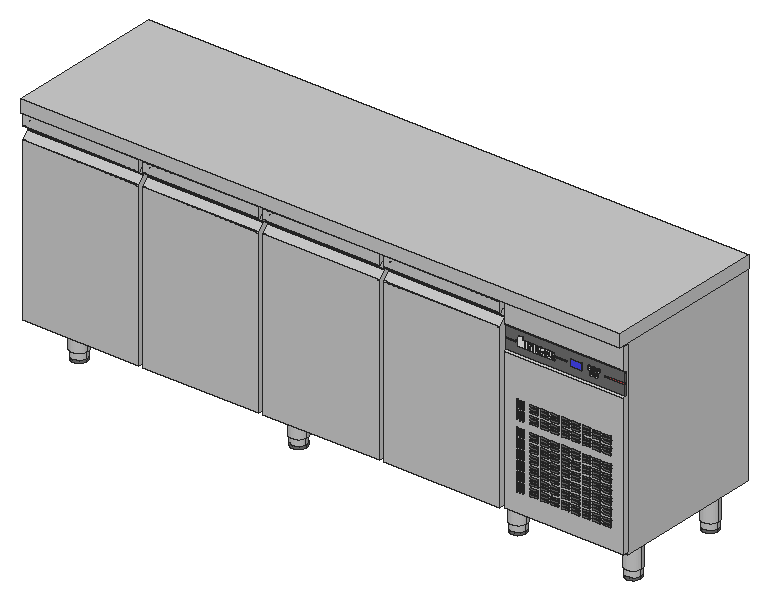
Revit family "QF_INOMAK_PMRP9999_250528093421", category Specialty Equipment, Revit 2021 (continued)
Definition of nested family "QF_INOMAK_REF_COUNTERS_DOORS_DRAWERS_7216"
  Definition of nested family "Hopper"
    Dimensions and locks
      "Bottom inset": plane 13 to plane 8 "Legs top"
      aligned and locked: level to plane 2
      aligned and locked: Extrusion 1 to plane 11 "Right panel"
      aligned and locked: Extrusion 2 to plane 11 "Right panel"
      aligned and locked: plane 10 "Left panel" to Extrusion 2
      aligned and locked: Extrusion 1 sketch curve to plane 12
      aligned and locked: Extrusion 1 sketch curve to Extrusion 2
      aligned and locked: Extrusion 1 sketch curve to plane 13
    Automatic sketch dimensions
      Extrusion 1 sketch curve to Extrusion 1 sketch curve = 17.734 mm
      Extrusion 1 sketch curve to Extrusion 1 sketch curve = 0.929 mm
      Extrusion 1 sketch curve to Extrusion 1 sketch curve = 2.385 mm
      Extrusion 1 sketch curve to Extrusion 1 sketch curve = 3.172 mm
      Extrusion 1 sketch curve to Extrusion 1 sketch curve = 11.91 mm
      Extrusion 1 sketch curve to Extrusion 1 sketch curve = 6.515 mm
      Extrusion 1 sketch curve to Extrusion 1 sketch curve = 1.556 mm
      Extrusion 1 sketch curve to Extrusion 1 sketch curve = 21.58 mm
      Extrusion 1 sketch curve to Extrusion 1 sketch curve = 1.242 mm
      Extrusion 1 sketch curve to Extrusion 1 sketch curve = 1.9 mm
      Extrusion 1 sketch curve to Extrusion 1 sketch curve = 0.515 mm
      Extrusion 1 sketch curve to Extrusion 1 sketch curve = 22.822 mm
      Extrusion 1 sketch curve to Extrusion 1 sketch curve = 19.985 mm
      Extrusion 1 sketch curve to Extrusion 1 sketch curve = 6.919 mm
      Extrusion 1 sketch curve to Extrusion 1 sketch curve = 30.039 mm
      Extrusion 2 sketch curve to plane 7 "Front legs" = 0 mm
      plane 13 to Extrusion 2 sketch curve = 0 mm
      plane 12 to Extrusion 2 sketch curve = 0 mm
      Extrusion 2 sketch curve to plane 5 "Front" = 565 mm
      curve 1 to plane 10 "Left panel" = 0 mm
      curve 2 to plane 11 "Right panel" = 0 mm
      curve 6 to plane 5 "Front" = 0 mm
      curve 5 to plane 5 "Front" = 0 mm
      curve 4 to plane 5 "Front" = 525 mm
      curve 3 to curve 3 = 40 mm
      plane 11 "Right panel" to curve 5 = 30 mm
      curve 6 to plane 10 "Left panel" = 30 mm
Definition of nested family "QF_INOMAK_REF_COUNTERS_DOORS_DRAWERS_16690"
  Parameters (values of type "DR-LX-710")
    Weight [instance] = 0.00 kg
    Warranty Start Date [instance] = ""
    Warranty Duration [instance] = ""
    URL Cutsheet [instance] = ""
    URL = "www.inomak.com"
    Top inset [instance] = 10 mm
    Technical Documentation [instance] = ""
    Tag Number [instance] = ""
    Status [instance] = ""
    Specification by User [instance] = ""
    Specification by Manufacturer [instance] = ""
    Sound Level [instance] = ""
    Solid Fuel Type [instance] = ""
    Show Logo [instance] = yes
    Show Clearances [instance] = yes
    Service Life Duration [instance] = ""
    Serial Number [instance] = ""
    Seismic Rating [instance] = ""
    SMACNA No [instance] = ""
    Right panel thickness [instance] = 0 mm
    Revision Code [instance] = ""
    Revision [instance] = ""
    Rear inset [instance] = 0 mm
    Production Year [instance] = ""
    Point Load [instance] = 0
    Plinth height [instance] = 0 mm
    Other Equipment Approvals [instance] = ""
    NAFEM Spec ID Number [instance] = ""
    Model Warning [instance] = ""
    Model = "DR-LX-710"
    Masterspec [instance] = ""
    Manufacturer = "INOMAK"
    Length Actual [instance] = 435 mm
    Left panel thickness [instance] = 0 mm
    Item Number [instance] = ""
    Installed By [instance] = ""
    Installation Date [instance] = ""
    Identify Quantity as Lot [instance] = yes
    ID [instance] = ""
    Hygiene Approval [instance] = ""
    Height Actual [instance] = 710 mm
    Furnished By [instance] = ""
    Front inset [instance] = 10 mm
    Foodservice Equipment Identifier [instance] = yes
    Finish [instance] = none
    ETL Approved [instance] = yes
    Doors drawers type [instance] = 8
    Description = "LEFT HINGED DOOR"
    Depth Actual [instance] = 700 mm
    Default Elevation = 0 mm
    CSI MasterFormat [instance] = ""
    CE Approved [instance] = yes
    Bottom inset [instance] = 10 mm
    Barcode [instance] = ""
    Author [instance] = ""
    Asset Identifier [instance] = ""
    Assembly Code = "E1090320"
    Accessory [instance] = yes
  Types (9, lengths in mm): name | Model | Height Actual | Doors drawers type | Description
    DW-2-710 | "DW-2-710" | 710 | 4 | "2 X GN 1/2 DRAWERS"
    DR-LX-710 | "DR-LX-710" | 710 | 8 | "LEFT HINGED DOOR"
    DR-RX-710 | "DR-RX-710" | 710 | 9 | "RIGHT HINGED DOOR"
    DW-3-710 | "DW-3-710" | 710 | 6 | "3 X GN 1/3 DRAWERS"
    DW-B-710 | "DW-B-710" | 710 | 5 | "1 X GN 1/3 & 1 X GN 2/3 DRAWERS"
    DW-2-483 | "DW-2-483" | 483 | 4 | "2 X GN 1/3 DRAWERS"
    DR-LX-483 | "DR-LX-483" | 483 | 8 | "LEFT HINGED DOOR"
    DR-RX-483 | "DR-RX-483" | 483 | 9 | "RIGHT HINGED DOOR"
    DW-1-483 | "DW-1-483" | 483 | 10 | "1 X GN 2/3 DRAWER"
  Reference planes
    plane 1 "Front": y = 0
    plane 2: z = 0
    plane 3 "Left": x = 0
    plane 4 "Right": x = 435
    plane 5 "Back": y = 700
    plane 6 "Top": z = 710
    plane 7 "Bottom shelf": z = 0
    plane 8: z = 700
    plane 9: z = 10
    plane 10: x = 0
    plane 11: x = 435
    plane 12 "Center Top Bottom": z = 355
  Lines and regions (mm)
    reference lines
      curve 1: line (0, 0, 355) -> (0, 25, 355)
      curve 2: line (435, 0, 355) -> (435, 25, 355)
      curve 3: line (0, 700, 355) -> (435, 700, 355)
      curve 4: line (0, 0, 355) -> (435, 0, 355)
  Dimensions and locks
    "Length Actual": plane 3 "Left" to plane 4 "Right"
    "Depth Actual": plane 1 "Front" to plane 5 "Back"
    "Height Actual": plane 6 "Top" to plane 7 "Bottom shelf"
    "Plinth height": plane 7 "Bottom shelf" to plane 2
    "Top inset": plane 6 "Top" to plane 8
    "Bottom inset": plane 9 to plane 7 "Bottom shelf"
    "Left panel thickness": plane 3 "Left" to plane 10
    "Right panel thickness": plane 11 to plane 4 "Right"
    equal spacing: plane 6 "Top", plane 12 "Center Top Bottom", plane 7 "Bottom shelf"
    "Length Actual": curve 1 to plane 4 "Right"
    "Length Actual": plane 3 "Left" to curve 2
    "Depth Actual": plane 1 "Front" to curve 3
    "Depth Actual": plane 5 "Back" to curve 4
    aligned and locked: level to plane 2
    aligned and locked: plane 3 "Left" to nested 1
    aligned and locked: plane 3 "Left" to nested 2
    aligned and locked: plane 3 "Left" to nested 3
    aligned and locked: plane 3 "Left" to nested 4
    aligned and locked: plane 3 "Left" to nested 5
    aligned and locked: plane 3 "Left" to nested 6
    aligned and locked: plane 3 "Left" to nested 7
    aligned and locked: plane 3 "Left" to nested 8
    aligned and locked: plane 3 "Left" to nested 9
    aligned and locked: nested 4 to plane 1 "Front"
    aligned and locked: nested 6 to plane 1 "Front"
    aligned and locked: nested 8 to plane 1 "Front"
    aligned and locked: nested 5 to plane 1 "Front"
    aligned and locked: nested 3 to plane 1 "Front"
    aligned and locked: nested 7 to plane 1 "Front"
    aligned and locked: nested 2 to plane 1 "Front"
    aligned and locked: nested 1 to plane 1 "Front"
    aligned and locked: nested 9 to plane 1 "Front"
  Automatic sketch dimensions
    curve 3 to plane 4 "Right" = 0 mm
    curve 3 to plane 3 "Left" = 0 mm
    curve 2 to curve 2 = 25 mm
    curve 1 to curve 1 = 25 mm
  Nested families
    nested 1: "Right_Door" at (0, 700, 0), Depth Actual <- "Depth Actual", Height Actual <- "Height Actual", Length Actual <- "Length Actual", Front inset <- "Front inset", Rear inset <- "Rear inset", Left panel thickness <- "Left panel thickness", Right panel thickness <- "Right panel thickness", Doors drawers type <- "Doors drawers type", Plinth height <- "Plinth height", Top inset <- "Top inset", Bottom inset <- "Bottom inset", type "Right door"
      with Top inset 10 mm, Right panel thickness 0 mm, Right hand hinged door no, Rear inset 0 mm, Plinth height 0 mm, Length Actual 435 mm, Left panel thickness 0 mm, Height Actual 710 mm, Front inset 10 mm, Doors drawers type 8, Depth Actual 700 mm, Bottom inset 10 mm
    nested 2: "Left_Door" at (0, 700, 0), Depth Actual <- "Depth Actual", Height Actual <- "Height Actual", Length Actual <- "Length Actual", Front inset <- "Front inset", Rear inset <- "Rear inset", Left panel thickness <- "Left panel thickness", Right panel thickness <- "Right panel thickness", Doors drawers type <- "Doors drawers type", Plinth height <- "Plinth height", Top inset <- "Top inset", Bottom inset <- "Bottom inset", type "Left door"
      with Top inset 10 mm, Right panel thickness 0 mm, Rear inset 0 mm, Plinth height 0 mm, Length Actual 435 mm, Left panel thickness 0 mm, Left hand hinged door yes, Height Actual 710 mm, Front inset 10 mm, Doors drawers type 8, Depth Actual 700 mm, Bottom inset 10 mm
    nested 3: "3_Drawers_1-3" at (0, 700, 0), Depth Actual <- "Depth Actual", Height Actual <- "Height Actual", Length Actual <- "Length Actual", Front inset <- "Front inset", Rear inset <- "Rear inset", Left panel thickness <- "Left panel thickness", Right panel thickness <- "Right panel thickness", Doors drawers type <- "Doors drawers type", Plinth height <- "Plinth height", Top inset <- "Top inset", Bottom inset <- "Bottom inset", type "3 Drawers 1-3"
      with Top inset 10 mm, Right panel thickness 0 mm, Rear inset 0 mm, Plinth height 0 mm, Length Actual 435 mm, Left panel thickness 0 mm, Height Actual 710 mm, Front inset 10 mm, Doors drawers type 8, Depth Actual 700 mm, Bottom inset 10 mm, 3 Drawers no
    nested 4: "2_Drawers_1-2" at (0, 700, 0), Depth Actual <- "Depth Actual", Height Actual <- "Height Actual", Length Actual <- "Length Actual", Front inset <- "Front inset", Rear inset <- "Rear inset", Left panel thickness <- "Left panel thickness", Right panel thickness <- "Right panel thickness", Doors drawers type <- "Doors drawers type", Plinth height <- "Plinth height", Top inset <- "Top inset", Bottom inset <- "Bottom inset", type "2 Drawers 1-2"
      with Top inset 10 mm, Right panel thickness 0 mm, Rear inset 0 mm, Plinth height 0 mm, Length Actual 435 mm, Left panel thickness 0 mm, Height Actual 710 mm, Front inset 10 mm, Doors drawers type 8, Depth Actual 700 mm, Bottom inset 10 mm, 2 Drawers no
    nested 5: "2_Drawers_1-3_2-3" at (0, 700, 0), Depth Actual <- "Depth Actual", Height Actual <- "Height Actual", Length Actual <- "Length Actual", Front inset <- "Front inset", Rear inset <- "Rear inset", Left panel thickness <- "Left panel thickness", Right panel thickness <- "Right panel thickness", Doors drawers type <- "Doors drawers type", Plinth height <- "Plinth height", Top inset <- "Top inset", Bottom inset <- "Bottom inset", type "2 Drawers 1-3 and 2-3"
      with Top inset 10 mm, Right panel thickness 0 mm, Rear inset 0 mm, Plinth height 0 mm, Length Actual 435 mm, Left panel thickness 0 mm, Height Actual 710 mm, Front inset 10 mm, Doors drawers type 8, Depth Actual 700 mm, Bottom inset 10 mm, 2 Drawers 1-3 and 2-3 no
    nested 6: "Sliding_Doors" at (0, 700, 0), Depth Actual <- "Depth Actual", Height Actual <- "Height Actual", Length Actual <- "Length Actual", Front inset <- "Front inset", Rear inset <- "Rear inset", Left panel thickness <- "Left panel thickness", Right panel thickness <- "Right panel thickness", Doors drawers type <- "Doors drawers type", Plinth height <- "Plinth height", Top inset <- "Top inset", Bottom inset <- "Bottom inset", Finish <- "Finish", type "Sliding doors"
      with Top inset 10 mm, Sliding doors no, Right panel thickness 0 mm, Rear inset 0 mm, Plinth height 0 mm, Length Actual 435 mm, Left panel thickness 0 mm, Height Actual 710 mm, Front inset 10 mm, Finish none, Doors drawers type 8, Depth Actual 700 mm, Bottom inset 10 mm
    nested 7: "4_Drawers_1-4" at (0, 700, 0), Depth Actual <- "Depth Actual", Height Actual <- "Height Actual", Length Actual <- "Length Actual", Front inset <- "Front inset", Rear inset <- "Rear inset", Left panel thickness <- "Left panel thickness", Right panel thickness <- "Right panel thickness", Doors drawers type <- "Doors drawers type", Plinth height <- "Plinth height", Top inset <- "Top inset", Bottom inset <- "Bottom inset", Finish <- "Finish", type "4 Drawers 1-4"
      with Top inset 10 mm, Right panel thickness 0 mm, Rear inset 0 mm, Plinth height 0 mm, Length Actual 435 mm, Left panel thickness 0 mm, Height Actual 710 mm, Front inset 10 mm, Finish none, Doors drawers type 8, Depth Actual 700 mm, Bottom inset 10 mm, 4 Drawers no
    nested 8: "Hinged_Doors" at (0, 700, 0), Length Actual <- "Length Actual", Depth Actual <- "Depth Actual", Height Actual <- "Height Actual", Front inset <- "Front inset", Rear inset <- "Rear inset", Left panel thickness <- "Left panel thickness", Right panel thickness <- "Right panel thickness", Doors drawers type <- "Doors drawers type", Plinth height <- "Plinth height", Top inset <- "Top inset", Bottom inset <- "Bottom inset", Finish <- "Finish", type "Hinged doors"
      with Top inset 10 mm, Right panel thickness 0 mm, Rear inset 0 mm, Plinth height 0 mm, Length Actual 435 mm, Left panel thickness 0 mm, Hinged doors no, Height Actual 710 mm, Front inset 10 mm, Finish none, Doors drawers type 8, Depth Actual 700 mm, Bottom inset 10 mm
    nested 9: "Hopper" at (0, 700, 1.284), Length Actual <- "Length Actual", Depth Actual <- "Depth Actual", Height Actual <- "Height Actual", Front inset <- "Front inset", Rear inset <- "Rear inset", Left panel thickness <- "Left panel thickness", Right panel thickness <- "Right panel thickness", Doors drawers type <- "Doors drawers type", Plinth height <- "Plinth height", Top inset <- "Top inset", Bottom inset <- "Bottom inset", Finish <- "Finish", type "Hopper"
      with Top inset 10 mm, Right panel thickness 0 mm, Rear inset 0 mm, Plinth height 0 mm, Length Actual 435 mm, Left panel thickness 0 mm, Hopper no, Height Actual 710 mm, Front inset 10 mm, Finish none, Doors drawers type 8, Depth Actual 700 mm, Bottom inset 10 mm
  Definition of nested family "Left_Door"
    Parameters (values of type "Left door")
      URL = "www.specifiglobal.com"
      Top inset [instance] = 10 mm
      Right panel thickness [instance] = 0 mm
      Rear inset [instance] = 0 mm
      Plinth height [instance] = 150 mm
      Model = ""
      Manufacturer = "DEMO CONSULTANT"
      Length Actual [instance] = 700 mm
      Left panel thickness [instance] = 0 mm
      Left hand hinged door [instance] = Doors drawers type = 8  # yes
      Height Actual [instance] = 710 mm
      Front inset [instance] = 10 mm
      Finish = none
      Doors drawers type [instance] = 8
      Description = ""
      Depth Actual [instance] = 700 mm
      Default Elevation = 0 mm
      Bottom inset [instance] = 0 mm
      Assembly Code = "E1090320"
    Reference planes
      plane 1 "Back": y = 0
      plane 2: z = 0
      plane 3 "Left": x = 0
      plane 4 "Right": x = 700
      plane 5 "Front": y = -700
      plane 6 "Top": z = 860
      plane 7 "Front legs": y = -690
      plane 8 "Legs top": z = 150
      plane 9 "Backsplash thickness": y = 0
      plane 10 "Left panel": x = 0
      plane 11 "Right panel": x = 700
      plane 12: z = 850
      plane 13: z = 150
    Forms (mm)
      Extrusion 1, solid, material <- "Finish", visible <- "Left hand hinged door"
        sketch origin (0, 0, 0) x (0, -1, 0) y (0, 0, 1)
          loop
            line (690, 150) -> (690, 764.365)
            arc (690, 764.365) -> (689.866, 765.037) -> (689.485, 765.607) r 1.757
            line (689.485, 765.607) -> (666.663, 788.429)
            arc (666.663, 788.429) -> (665.976, 789.458) -> (665.734, 790.672) r 3.172
            line (665.734, 790.672) -> (665.734, 817.576)
            arc (665.734, 817.576) -> (666.433, 819.262) -> (668.119, 819.961) r 2.385
            line (668.119, 819.961) -> (680.029, 819.961) -> (686.544, 810.657)
            arc (686.544, 810.657) -> (688.671, 809.935) -> (690, 811.747) r 1.9
            line (690, 811.747) -> (690, 850) -> (648, 850) -> (648, 150) -> (690, 150)
        from 0 to -700
      Extrusion 2, solid, visible <- "Left hand hinged door", detail levels coarse
        sketch origin (0, -700, 150) x (-1, 0, 0) y (0, 1, 0)
          loop
            arc (-700, 10) -> (-495.871, -481.066) -> (0, -673.23) r 677.11
            line (0, -673.23) -> (0, 10) -> (-700, 10)
        from 0 to -700
    Lines and regions (mm)
      symbolic lines, visible <- "Left hand hinged door"
        curve 1: line (0, -700, 150) -> (0, -1373.247, 150)
        curve 2: arc (0, -1373.247, 150) -> (492.316, -1184.595, 150) -> (700, -700, 150) r 676.963
    Dimensions and locks
      "Length Actual": plane 3 "Left" to plane 4 "Right"
      "Depth Actual": plane 5 "Front" to plane 1 "Back"
      "Height Actual": plane 6 "Top" to plane 8 "Legs top"
      "Front inset": plane 7 "Front legs" to plane 5 "Front"
      "Plinth height": plane 8 "Legs top" to plane 2
      "Rear inset": plane 9 "Backsplash thickness" to plane 1 "Back"
      "Right panel thickness": plane 11 "Right panel" to plane 4 "Right"
      "Left panel thickness": plane 3 "Left" to plane 10 "Left panel"
      "Top inset": plane 6 "Top" to plane 12
      "Bottom inset": plane 13 to plane 8 "Legs top"
      aligned and locked: level to plane 2
      aligned and locked: Extrusion 1 to plane 11 "Right panel"
      aligned and locked: plane 10 "Left panel" to Extrusion 2 sketch curve
      aligned and locked: plane 11 "Right panel" to Extrusion 2 sketch curve
      aligned and locked: Extrusion 2 sketch curve to plane 10 "Left panel"
      aligned and locked: plane 7 "Front legs" to Extrusion 2 sketch curve
      aligned and locked: plane 7 "Front legs" to Extrusion 2
      aligned and locked: plane 10 "Left panel" to Extrusion 2
      aligned and locked: Extrusion 2 to plane 12
      aligned and locked: Extrusion 1 sketch curve to plane 13
      aligned and locked: Extrusion 1 sketch curve to plane 7 "Front legs"
      aligned and locked: Extrusion 1 sketch curve to plane 12
    Automatic sketch dimensions
      Extrusion 1 sketch curve to Extrusion 1 sketch curve = 1.556 mm
      Extrusion 1 sketch curve to Extrusion 1 sketch curve = 11.91 mm
      Extrusion 1 sketch curve to Extrusion 1 sketch curve = 2.243 mm
      Extrusion 1 sketch curve to Extrusion 1 sketch curve = 2.385 mm
      Extrusion 1 sketch curve to Extrusion 1 sketch curve = 20.119 mm
      Extrusion 1 sketch curve to Extrusion 1 sketch curve = 22.822 mm
      Extrusion 1 sketch curve to Extrusion 1 sketch curve = 19.985 mm
      Extrusion 1 sketch curve to Extrusion 1 sketch curve = 6.919 mm
      Extrusion 1 sketch curve to Extrusion 1 sketch curve = 30.039 mm
      plane 7 "Front legs" to Extrusion 1 sketch curve = 42 mm
      Extrusion 1 sketch curve to Extrusion 1 sketch curve = 0.929 mm
      Extrusion 1 sketch curve to Extrusion 1 sketch curve = 6.515 mm
      Extrusion 1 sketch curve to Extrusion 1 sketch curve = 1.242 mm
      Extrusion 1 sketch curve to Extrusion 1 sketch curve = 1.9 mm
      Extrusion 1 sketch curve to Extrusion 1 sketch curve = 0.515 mm
      plane 5 "Front" to Extrusion 2 sketch curve = 3.492 mm
      plane 3 "Left" to Extrusion 2 sketch curve = 22.921 mm
      curve 1 to plane 3 "Left" = 0 mm
      curve 2 to plane 4 "Right" = 0 mm
      curve 2 to plane 5 "Front" = 0 mm
      curve 1 to plane 5 "Front" = 0 mm
      plane 5 "Front" to curve 2 = 3.324 mm
      plane 3 "Left" to curve 2 = 23.045 mm
  Definition of nested family "Right_Door"
    Parameters (values of type "Right door")
      URL = "www.specifiglobal.com"
      Top inset [instance] = 4 mm
      Right panel thickness [instance] = 35 mm
      Right hand hinged door [instance] = Doors drawers type = 9  # yes
      Rear inset [instance] = 10 mm
      Plinth height [instance] = 150 mm
      Model = ""
      Manufacturer = "DEMO CONSULTANT"
      Length Actual [instance] = 1700 mm
      Left panel thickness [instance] = 35 mm
      Height Actual [instance] = 900 mm
      Front inset [instance] = 10 mm
      Finish = none
      Doors drawers type [instance] = 9
      Description = ""
      Depth Actual [instance] = 700 mm
      Default Elevation = 0 mm
      Bottom inset [instance] = 4 mm
      Assembly Code = "E1090320"
    Reference planes
      plane 1 "Back": y = 0
      plane 2: z = 0
      plane 3 "Left": x = 0
      plane 4 "Right": x = 1700
      plane 5 "Front": y = -700
      plane 6 "Top": z = 1050
      plane 7 "Front legs": y = -690
      plane 8 "Legs top": z = 150
      plane 9 "Backsplash thickness": y = -10
      plane 10 "Left panel": x = 35
      plane 11 "Right panel": x = 1665
      plane 12: z = 1046
      plane 13: z = 154
    Forms (mm)
      Extrusion 1, solid, material <- "Finish", visible <- "Right hand hinged door"
        sketch origin (35, 0, 0) x (0, -1, 0) y (0, 0, 1)
          loop
            line (690, 154) -> (690, 960.365)
            arc (690, 960.365) -> (689.866, 961.037) -> (689.485, 961.607) r 1.757
            line (689.485, 961.607) -> (666.663, 984.429)
            arc (666.663, 984.429) -> (665.976, 985.458) -> (665.734, 986.672) r 3.172
            line (665.734, 986.672) -> (665.734, 1013.576)
            arc (665.734, 1013.576) -> (666.433, 1015.262) -> (668.119, 1015.961) r 2.385
            line (668.119, 1015.961) -> (680.029, 1015.961) -> (686.544, 1006.657)
            arc (686.544, 1006.657) -> (688.671, 1005.935) -> (690, 1007.747) r 1.9
            line (690, 1007.747) -> (690, 1046) -> (648, 1046) -> (648, 154) -> (690, 154)
        from 0 to -1630
      Extrusion 2, solid, visible <- "Right hand hinged door", detail levels coarse
        sketch origin (0, -700, 154) x (-1, 0, 0) y (0, 1, 0)
          loop
            line (-1665, 10) -> (-1665, -1637.12)
            arc (-1665, -1637.12) -> (-517.894, -1142.214) -> (-35, 10) r 1670.236
            line (-35, 10) -> (-1665, 10)
        from 0 to -892
    Lines and regions (mm)
      symbolic lines, visible <- "Right hand hinged door"
        curve 1: line (1665, -2337.12, 150) -> (1665, -700, 150)
        curve 2: arc (1665, -2337.12, 150) -> (521.415, -1845.762, 150) -> (35.165, -699.995, 150) r 1670.236
    Dimensions and locks
      "Length Actual": plane 3 "Left" to plane 4 "Right"
      "Depth Actual": plane 5 "Front" to plane 1 "Back"
      "Height Actual": plane 6 "Top" to plane 8 "Legs top"
      "Front inset": plane 7 "Front legs" to plane 5 "Front"
      "Plinth height": plane 8 "Legs top" to plane 2
      "Rear inset": plane 9 "Backsplash thickness" to plane 1 "Back"
      "Right panel thickness": plane 11 "Right panel" to plane 4 "Right"
      "Left panel thickness": plane 3 "Left" to plane 10 "Left panel"
      "Top inset": plane 6 "Top" to plane 12
      "Bottom inset": plane 13 to plane 8 "Legs top"
      aligned and locked: level to plane 2
      aligned and locked: Extrusion 1 to plane 11 "Right panel"
      aligned and locked: plane 10 "Left panel" to Extrusion 2 sketch curve
      aligned and locked: plane 11 "Right panel" to Extrusion 2 sketch curve
      aligned and locked: plane 7 "Front legs" to Extrusion 2
      aligned and locked: plane 7 "Front legs" to Extrusion 2 sketch curve
      aligned and locked: Extrusion 2 sketch curve to plane 11 "Right panel"
      aligned and locked: curve 1 to Extrusion 2
      aligned and locked: plane 5 "Front" to curve 1
      aligned and locked: Extrusion 2 to plane 12
      aligned and locked: Extrusion 1 sketch curve to plane 12
      aligned and locked: Extrusion 1 sketch curve to plane 7 "Front legs"
      aligned and locked: Extrusion 1 sketch curve to plane 13
      aligned and locked: curve 2 to Extrusion 2
    Automatic sketch dimensions
      Extrusion 1 sketch curve to Extrusion 1 sketch curve = 1.556 mm
      Extrusion 1 sketch curve to Extrusion 1 sketch curve = 11.91 mm
      Extrusion 1 sketch curve to Extrusion 1 sketch curve = 2.243 mm
      Extrusion 1 sketch curve to Extrusion 1 sketch curve = 2.385 mm
      Extrusion 1 sketch curve to Extrusion 1 sketch curve = 20.119 mm
      Extrusion 1 sketch curve to Extrusion 1 sketch curve = 22.822 mm
      Extrusion 1 sketch curve to Extrusion 1 sketch curve = 19.985 mm
      Extrusion 1 sketch curve to Extrusion 1 sketch curve = 6.919 mm
      Extrusion 1 sketch curve to Extrusion 1 sketch curve = 30.039 mm
      plane 7 "Front legs" to Extrusion 1 sketch curve = 42 mm
      Extrusion 1 sketch curve to Extrusion 1 sketch curve = 0.929 mm
      Extrusion 1 sketch curve to Extrusion 1 sketch curve = 6.515 mm
      Extrusion 1 sketch curve to Extrusion 1 sketch curve = 1.242 mm
      Extrusion 1 sketch curve to Extrusion 1 sketch curve = 1.9 mm
      Extrusion 1 sketch curve to Extrusion 1 sketch curve = 0.515 mm
      Extrusion 2 sketch curve to plane 4 "Right" = 5.083 mm
      plane 7 "Front legs" to Extrusion 2 sketch curve = 22.635 mm
      plane 5 "Front" to curve 2 = 0.005 mm
  Definition of nested family "3_Drawers_1-3"
    Parameters (values of type "3 Drawers 1-3")
      URL = "www.specifiglobal.com"
      Top inset [instance] = 4 mm
      Right panel thickness [instance] = 35 mm
      Rear inset [instance] = 10 mm
      Plinth height [instance] = 150 mm
      Model = ""
      Manufacturer = "DEMO CONSULTANT"
      Length Actual [instance] = 1200 mm
      Left panel thickness [instance] = 35 mm
      Height Actual [instance] = 900 mm
      Front inset [instance] = 10 mm
      Finish = none
      Doors drawers type [instance] = 6
      Description = ""
      Depth Actual [instance] = 700 mm
      Default Elevation = 0 mm
      Bottom inset [instance] = 4 mm
      Assembly Code = "E1090320"
      3 Drawers [instance] = Doors drawers type = 6  # yes
    Reference planes
      plane 1 "Back": y = 0
      plane 2: z = 0
      plane 3 "Left": x = 0
      plane 4 "Right": x = 1200
      plane 5 "Front": y = -700
      plane 6 "Top": z = 1050
      plane 7 "Front legs": y = -690
      plane 8 "Legs top": z = 150
      plane 9 "Backsplash thickness": y = -10
      plane 10 "Left panel": x = 35
      plane 11 "Right panel": x = 1165
      plane 12: z = 749.333
      plane 13: z = 1046
      plane 14: z = 751.667
      plane 15: z = 747
      plane 16: z = 1048
      plane 17: z = 450.667
      plane 18: z = 453.333
      plane 19: z = 448
      plane 20: z = 154
      plane 21: z = 152
    Forms (mm)
      Extrusion 1, solid, material <- "Finish", visible <- "3 Drawers"
        sketch origin (35, 0, 0) x (0, -1, 0) y (0, 0, 1)
          loop
            line (690, 751.667) -> (690, 960.365)
            arc (690, 960.365) -> (689.866, 961.037) -> (689.485, 961.607) r 1.757
            line (689.485, 961.607) -> (666.663, 984.429)
            arc (666.663, 984.429) -> (665.976, 985.458) -> (665.734, 986.672) r 3.172
            line (665.734, 986.672) -> (665.734, 1013.576)
            arc (665.734, 1013.576) -> (666.433, 1015.262) -> (668.119, 1015.961) r 2.385
            line (668.119, 1015.961) -> (680.029, 1015.961) -> (686.544, 1006.657)
            arc (686.544, 1006.657) -> (688.671, 1005.935) -> (690, 1007.747) r 1.9
            line (690, 1007.747) -> (690, 1046) -> (648, 1046) -> (648, 751.667) -> (690, 751.667)
        from 0 to -1130
      Extrusion 2, solid, visible <- "3 Drawers", detail levels coarse
        sketch origin (0, -640.463, 751.667) x (0, 1, 0) y (-1, 0, 0)
          loop
            line (-49.537, -35) -> (-624.582, -35) -> (-624.582, -1165) -> (-49.537, -1165) -> (-49.537, -35)
        from 0 to 294.333
      Extrusion 3, solid, visible <- "3 Drawers", detail levels coarse
        sketch origin (0, -640.463, 453.333) x (0, 1, 0) y (-1, 0, 0)
          loop
            line (-49.537, -35) -> (-624.582, -35) -> (-624.582, -1165) -> (-49.537, -1165) -> (-49.537, -35)
        from 0 to 293.667
      Extrusion 4, solid, visible <- "3 Drawers", detail levels coarse
        sketch origin (0, -700, 154) x (-1, 0, 0) y (0, 1, 0)
          loop
            line (-35, 10) -> (-1165, 10) -> (-1165, -565.045) -> (-35, -565.045) -> (-35, 10)
        from 0 to -294
      Extrusion 5, solid, material <- "Finish", visible <- "3 Drawers"
        sketch origin (35, 0, -220.667) x (0, -1, 0) y (0, 0, 1)
          loop
            line (690, 674) -> (690, 882.031)
            arc (690, 882.031) -> (689.866, 882.704) -> (689.485, 883.274) r 1.757
            line (689.485, 883.274) -> (666.663, 906.096)
            arc (666.663, 906.096) -> (665.976, 907.125) -> (665.734, 908.339) r 3.172
            line (665.734, 908.339) -> (665.734, 935.243)
            arc (665.734, 935.243) -> (666.433, 936.929) -> (668.119, 937.628) r 2.385
            line (668.119, 937.628) -> (680.029, 937.628) -> (686.544, 928.324)
            arc (686.544, 928.324) -> (688.671, 927.602) -> (690, 929.414) r 1.9
            line (690, 929.414) -> (690, 967.667) -> (648, 967.667) -> (648, 674) -> (690, 674)
        from 0 to -1130
      Extrusion 6, solid, material <- "Finish", visible <- "3 Drawers"
        sketch origin (35, 0, -441.333) x (0, -1, 0) y (0, 0, 1)
          loop
            line (690, 595.333) -> (690, 800.031)
            arc (690, 800.031) -> (689.866, 800.704) -> (689.485, 801.274) r 1.757
            line (689.485, 801.274) -> (666.663, 824.096)
            arc (666.663, 824.096) -> (665.976, 825.125) -> (665.734, 826.339) r 3.172
            line (665.734, 826.339) -> (665.734, 857.243)
            arc (665.734, 857.243) -> (666.433, 858.929) -> (668.119, 859.628) r 2.385
            line (668.119, 859.628) -> (680.029, 859.628) -> (686.544, 850.324)
            arc (686.544, 850.324) -> (688.671, 849.602) -> (690, 851.414) r 1.9
            line (690, 851.414) -> (690, 889.333) -> (648, 889.333) -> (648, 595.333) -> (690, 595.333)
        from 0 to -1130
    Lines and regions (mm)
      symbolic lines, visible <- "3 Drawers"
        curve 1: line (35, -850, 900) -> (35, -890, 900)
        curve 2: line (35, -890, 900) -> (1165, -890, 900)
        curve 3: line (1165, -890, 900) -> (1165, -850, 900)
        curve 4: line (1165, -850, 900) -> (35, -850, 900)
        curve 5: line (1135, -850, 900) -> (1135, -700, 900)
        curve 6: line (65, -850, 900) -> (65, -700, 900)
        curve 7: line (35, -1040, 900) -> (35, -1080, 900)
        curve 8: line (35, -1080, 900) -> (1165, -1080, 900)
        curve 9: line (1165, -1080, 900) -> (1165, -1040, 900)
        curve 10: line (1165, -1040, 900) -> (35, -1040, 900)
        curve 11: line (1135, -1040, 900) -> (1135, -890, 900)
        curve 12: line (65, -1040, 900) -> (65, -890, 900)
        curve 13: line (35, -1225, 900) -> (35, -1265, 900)
        curve 14: line (35, -1265, 900) -> (1165, -1265, 900)
        curve 15: line (1165, -1265, 900) -> (1165, -1225, 900)
        curve 16: line (1165, -1225, 900) -> (35, -1225, 900)
        curve 17: line (1135, -1225, 900) -> (1135, -1080, 900)
        curve 18: line (65, -1225, 900) -> (65, -1080, 900)
    Dimensions and locks
      "Length Actual": plane 3 "Left" to plane 4 "Right"
      "Depth Actual": plane 5 "Front" to plane 1 "Back"
      "Height Actual": plane 6 "Top" to plane 8 "Legs top"
      "Front inset": plane 7 "Front legs" to plane 5 "Front"
      "Plinth height": plane 8 "Legs top" to plane 2
      "Rear inset": plane 9 "Backsplash thickness" to plane 1 "Back"
      "Right panel thickness": plane 11 "Right panel" to plane 4 "Right"
      "Left panel thickness": plane 3 "Left" to plane 10 "Left panel"
      plane 14 to plane 15 = 4.667 mm
      equal spacing: plane 14, plane 12, plane 15
      locked: plane 16 to plane 13 at 2
      equal spacing: plane 18, plane 17, plane 19
      plane 18 to plane 19 = 5.333 mm
      "Bottom inset": plane 20 to plane 8 "Legs top"
      equal spacing: plane 21, plane 17, plane 12, plane 16
      "Top inset": plane 13 to plane 6 "Top"
      locked: plane 21 to plane 20 at 2
      aligned and locked: level to plane 2
      aligned and locked: Extrusion 1 to plane 11 "Right panel"
      aligned and locked: plane 10 "Left panel" to curve 1
      aligned and locked: plane 10 "Left panel" to curve 7
      aligned and locked: plane 10 "Left panel" to curve 13
      aligned and locked: Extrusion 2 sketch curve to plane 10 "Left panel"
      aligned and locked: plane 11 "Right panel" to Extrusion 2 sketch curve
      aligned and locked: Extrusion 3 sketch curve to plane 10 "Left panel"
      aligned and locked: plane 11 "Right panel" to Extrusion 3 sketch curve
      aligned and locked: Extrusion 4 sketch curve to plane 10 "Left panel"
      aligned and locked: plane 11 "Right panel" to Extrusion 4 sketch curve
      aligned and locked: Extrusion 2 to plane 13
      aligned and locked: Extrusion 3 to plane 15
      aligned and locked: Extrusion 4 to plane 19
      aligned and locked: Extrusion 5 to plane 11 "Right panel"
      aligned and locked: Extrusion 6 to plane 11 "Right panel"
      aligned and locked: Extrusion 1 sketch curve to plane 13
      aligned and locked: Extrusion 1 sketch curve to plane 7 "Front legs"
      aligned and locked: plane 18 to Extrusion 5 sketch curve
      aligned and locked: Extrusion 6 sketch curve to Extrusion 4  (x2)
      aligned and locked: Extrusion 5 sketch curve to plane 15
      aligned and locked: Extrusion 4 to Extrusion 5 sketch curve
      aligned and locked: Extrusion 6 sketch curve to plane 19
      aligned and locked: Extrusion 6 sketch curve to plane 20
    Automatic sketch dimensions
      Extrusion 2 sketch curve to plane 7 "Front legs" = 0 mm
      Extrusion 2 sketch curve to plane 5 "Front" = 565.045 mm
      Extrusion 3 sketch curve to plane 7 "Front legs" = 0 mm
      Extrusion 3 sketch curve to plane 5 "Front" = 565.045 mm
      Extrusion 4 sketch curve to plane 7 "Front legs" = 0 mm
      Extrusion 4 sketch curve to plane 5 "Front" = 565.045 mm
      curve 14 to plane 11 "Right panel" = 0 mm
      curve 8 to plane 11 "Right panel" = 0 mm
      curve 3 to plane 11 "Right panel" = 0 mm
      curve 6 to plane 5 "Front" = 0 mm
      curve 5 to plane 5 "Front" = 0 mm
      curve 1 to plane 5 "Front" = 150 mm
      curve 2 to curve 3 = 40 mm
      curve 10 to curve 1 = 150 mm
      curve 9 to curve 9 = 40 mm
      curve 13 to curve 7 = 145 mm
      curve 14 to curve 13 = 40 mm
      curve 3 to curve 5 = 30 mm
      curve 15 to curve 17 = 30 mm
      curve 11 to curve 17 = 0 mm
      curve 6 to plane 10 "Left panel" = 30 mm
      curve 18 to plane 10 "Left panel" = 30 mm
      curve 12 to curve 18 = 0 mm
      Extrusion 1 sketch curve to plane 14 = 0 mm
      Extrusion 1 sketch curve to plane 7 "Front legs" = 0 mm
      plane 7 "Front legs" to Extrusion 1 sketch curve = 0.515 mm
      plane 7 "Front legs" to Extrusion 1 sketch curve = 1.757 mm
      plane 7 "Front legs" to Extrusion 1 sketch curve = 1.9 mm
      Extrusion 1 sketch curve to Extrusion 1 sketch curve = 1.556 mm
      plane 7 "Front legs" to Extrusion 1 sketch curve = 9.971 mm
      plane 7 "Front legs" to Extrusion 1 sketch curve = 21.094 mm
      Extrusion 1 sketch curve to Extrusion 1 sketch curve = 11.91 mm
      Extrusion 1 sketch curve to Extrusion 1 sketch curve = 2.243 mm
      Extrusion 1 sketch curve to Extrusion 1 sketch curve = 2.385 mm
      Extrusion 1 sketch curve to Extrusion 1 sketch curve = 20.119 mm
      plane 13 to Extrusion 1 sketch curve = 85.635 mm
      Extrusion 1 sketch curve to Extrusion 1 sketch curve = 22.822 mm
      Extrusion 1 sketch curve to Extrusion 1 sketch curve = 19.985 mm
      Extrusion 1 sketch curve to Extrusion 1 sketch curve = 6.919 mm
      plane 15 to Extrusion 5 sketch curve = 59.328 mm
      Extrusion 5 sketch curve to Extrusion 5 sketch curve = 17.734 mm
      plane 15 to Extrusion 5 sketch curve = 61.571 mm
      Extrusion 5 sketch curve to Extrusion 5 sketch curve = 0.929 mm
      Extrusion 5 sketch curve to Extrusion 5 sketch curve = 2.385 mm
      Extrusion 5 sketch curve to Extrusion 5 sketch curve = 11.91 mm
      Extrusion 5 sketch curve to Extrusion 5 sketch curve = 6.515 mm
      Extrusion 5 sketch curve to Extrusion 5 sketch curve = 1.556 mm
      Extrusion 5 sketch curve to Extrusion 5 sketch curve = 21.58 mm
      plane 15 to Extrusion 5 sketch curve = 84.393 mm
      Extrusion 5 sketch curve to Extrusion 5 sketch curve = 1.242 mm
      Extrusion 5 sketch curve to Extrusion 5 sketch curve = 1.9 mm
      Extrusion 5 sketch curve to Extrusion 5 sketch curve = 0.515 mm
      Extrusion 5 sketch curve to Extrusion 5 sketch curve = 6.919 mm
      Extrusion 5 sketch curve to Extrusion 5 sketch curve = 30.039 mm
      plane 7 "Front legs" to Extrusion 6 sketch curve = 0.515 mm
      plane 7 "Front legs" to Extrusion 6 sketch curve = 1.757 mm
      plane 7 "Front legs" to Extrusion 6 sketch curve = 1.9 mm
      Extrusion 6 sketch curve to Extrusion 6 sketch curve = 1.556 mm
      plane 7 "Front legs" to Extrusion 6 sketch curve = 9.971 mm
      plane 7 "Front legs" to Extrusion 6 sketch curve = 21.094 mm
      Extrusion 6 sketch curve to Extrusion 6 sketch curve = 11.91 mm
      Extrusion 6 sketch curve to Extrusion 6 sketch curve = 2.243 mm
      Extrusion 6 sketch curve to Extrusion 6 sketch curve = 2.385 mm
      Extrusion 6 sketch curve to Extrusion 6 sketch curve = 20.119 mm
      plane 19 to Extrusion 6 sketch curve = 89.302 mm
      Extrusion 6 sketch curve to Extrusion 6 sketch curve = 22.822 mm
      Extrusion 6 sketch curve to Extrusion 6 sketch curve = 23.985 mm
      Extrusion 6 sketch curve to Extrusion 6 sketch curve = 6.919 mm
  Definition of nested family "2_Drawers_1-2"
    Parameters (values of type "2 Drawers 1-2")
      URL = "www.specifiglobal.com"
      Top inset [instance] = 4 mm
      Right panel thickness [instance] = 35 mm
      Rear inset [instance] = 10 mm
      Plinth height [instance] = 150 mm
      Model = ""
      Manufacturer = "DEMO CONSULTANT"
      Length Actual [instance] = 1200 mm
      Left panel thickness [instance] = 35 mm
      Height Actual [instance] = 900 mm
      Front inset [instance] = 10 mm
      Finish = none
      Doors drawers type [instance] = 4
      Description = ""
      Depth Actual [instance] = 700 mm
      Default Elevation = 0 mm
      Bottom inset [instance] = 4 mm
      Assembly Code = "E1090320"
      2 Drawers [instance] = Doors drawers type = 4  # yes
    Reference planes
      plane 1 "Back": y = 0
      plane 2: z = 0
      plane 3 "Left": x = 0
      plane 4 "Right": x = 1200
      plane 5 "Front": y = -700
      plane 6 "Top": z = 1050
      plane 7 "Front legs": y = -690
      plane 8 "Legs top": z = 150
      plane 9 "Backsplash thickness": y = -10
      plane 10 "Left panel": x = 35
      plane 11 "Right panel": x = 1165
      plane 12: z = 600
      plane 13: z = 1046
      plane 14: z = 602
      plane 15: z = 598
      plane 16: z = 154
    Forms (mm)
      Extrusion 1, solid, material <- "Finish", visible <- "2 Drawers"
        sketch origin (35, 0, 0) x (0, -1, 0) y (0, 0, 1)
          loop
            line (690, 602) -> (690, 960.365)
            arc (690, 960.365) -> (689.866, 961.037) -> (689.485, 961.607) r 1.757
            line (689.485, 961.607) -> (666.663, 984.429)
            arc (666.663, 984.429) -> (665.976, 985.458) -> (665.734, 986.672) r 3.172
            line (665.734, 986.672) -> (665.734, 1013.576)
            arc (665.734, 1013.576) -> (666.433, 1015.262) -> (668.119, 1015.961) r 2.385
            line (668.119, 1015.961) -> (680.029, 1015.961) -> (686.544, 1006.657)
            arc (686.544, 1006.657) -> (688.671, 1005.935) -> (690, 1007.747) r 1.9
            line (690, 1007.747) -> (690, 1046) -> (648, 1046) -> (648, 602) -> (690, 602)
        from 0 to -1130
      Extrusion 2, solid, visible <- "2 Drawers", detail levels coarse
        sketch origin (0, -640.463, 602) x (0, 1, 0) y (-1, 0, 0)
          loop
            line (-49.537, -35) -> (-624.537, -35) -> (-624.537, -1165) -> (-49.537, -1165) -> (-49.537, -35)
        from 0 to 444
      Extrusion 3, solid, visible <- "2 Drawers", detail levels coarse
        sketch origin (0, -700, 154) x (-1, 0, 0) y (0, 1, 0)
          loop
            line (-35, 10) -> (-1165, 10) -> (-1165, -565) -> (-35, -565) -> (-35, 10)
        from 0 to -444
      Extrusion 4, solid, material <- "Finish", visible <- "2 Drawers"
        sketch origin (35, 0, -441.333) x (0, -1, 0) y (0, 0, 1)
          loop
            line (690, 595.333) -> (690, 953.698)
            arc (690, 953.698) -> (689.866, 954.37) -> (689.485, 954.94) r 1.757
            line (689.485, 954.94) -> (666.663, 977.763)
            arc (666.663, 977.763) -> (665.976, 978.792) -> (665.734, 980.006) r 3.172
            line (665.734, 980.006) -> (665.734, 1006.909)
            arc (665.734, 1006.909) -> (666.433, 1008.596) -> (668.119, 1009.294) r 2.385
            line (668.119, 1009.294) -> (680.029, 1009.294) -> (686.544, 999.991)
            arc (686.544, 999.991) -> (688.671, 999.268) -> (690, 1001.08) r 1.9
            line (690, 1001.08) -> (690, 1039.333) -> (648, 1039.333) -> (648, 595.333) -> (690, 595.333)
        from 0 to -1130
    Lines and regions (mm)
      symbolic lines, visible <- "2 Drawers"
        curve 1: line (35, -940, 900) -> (35, -980, 900)
        curve 2: line (35, -980, 900) -> (1165, -980, 900)
        curve 3: line (1165, -980, 900) -> (1165, -940, 900)
        curve 4: line (1165, -940, 900) -> (35, -940, 900)
        curve 5: line (1135, -940, 900) -> (1135, -700, 900)
        curve 6: line (65, -940, 900) -> (65, -700, 900)
        curve 7: line (35, -1225, 900) -> (35, -1265, 900)
        curve 8: line (35, -1265, 900) -> (1165, -1265, 900)
        curve 9: line (1165, -1265, 900) -> (1165, -1225, 900)
        curve 10: line (1165, -1225, 900) -> (35, -1225, 900)
        curve 11: line (1135, -1225, 900) -> (1135, -980, 900)
        curve 12: line (65, -1225, 900) -> (65, -980, 900)
    Dimensions and locks
      "Length Actual": plane 3 "Left" to plane 4 "Right"
      "Depth Actual": plane 5 "Front" to plane 1 "Back"
      "Height Actual": plane 6 "Top" to plane 8 "Legs top"
      "Front inset": plane 7 "Front legs" to plane 5 "Front"
      "Plinth height": plane 8 "Legs top" to plane 2
      "Rear inset": plane 9 "Backsplash thickness" to plane 1 "Back"
      "Right panel thickness": plane 11 "Right panel" to plane 4 "Right"
      "Left panel thickness": plane 3 "Left" to plane 10 "Left panel"
      "Top inset": plane 6 "Top" to plane 13
      "Bottom inset": plane 16 to plane 8 "Legs top"
      equal spacing: plane 16, plane 12, plane 13
      locked: plane 14 to plane 12 at 2
      locked: plane 15 to plane 12 at 2
      aligned and locked: level to plane 2
      aligned and locked: Extrusion 1 to plane 11 "Right panel"
      aligned and locked: plane 10 "Left panel" to curve 1
      aligned and locked: plane 10 "Left panel" to curve 7
      aligned and locked: Extrusion 2 sketch curve to plane 10 "Left panel"
      aligned and locked: plane 11 "Right panel" to Extrusion 2 sketch curve
      aligned and locked: Extrusion 3 sketch curve to plane 10 "Left panel"
      aligned and locked: plane 11 "Right panel" to Extrusion 3 sketch curve
      aligned and locked: Extrusion 2 to plane 13
      aligned and locked: Extrusion 4 to plane 11 "Right panel"
      aligned and locked: Extrusion 3 to plane 15
      aligned and locked: Extrusion 1 sketch curve to plane 13
      aligned and locked: Extrusion 1 sketch curve to plane 7 "Front legs"
      aligned and locked: plane 14 to Extrusion 1 sketch curve
      aligned and locked: Extrusion 4 sketch curve to plane 15
      aligned and locked: Extrusion 4 sketch curve to plane 7 "Front legs"
      aligned and locked: Extrusion 4 sketch curve to plane 16
    Automatic sketch dimensions
      Extrusion 2 sketch curve to plane 7 "Front legs" = 0 mm
      Extrusion 2 sketch curve to plane 5 "Front" = 565 mm
      Extrusion 3 sketch curve to plane 7 "Front legs" = 0 mm
      Extrusion 3 sketch curve to plane 5 "Front" = 565 mm
      curve 9 to plane 11 "Right panel" = 0 mm
      curve 2 to plane 11 "Right panel" = 0 mm
      curve 5 to plane 5 "Front" = 0 mm
      curve 6 to plane 5 "Front" = 0 mm
      curve 1 to plane 5 "Front" = 240 mm
      curve 3 to curve 3 = 40 mm
      curve 7 to curve 1 = 245 mm
      curve 8 to curve 9 = 40 mm
      plane 11 "Right panel" to curve 5 = 30 mm
      curve 2 to curve 11 = 30 mm
      curve 6 to plane 10 "Left panel" = 30 mm
      curve 12 to plane 10 "Left panel" = 30 mm
      Extrusion 1 sketch curve to Extrusion 1 sketch curve = 17.734 mm
      Extrusion 1 sketch curve to Extrusion 1 sketch curve = 0.929 mm
      Extrusion 1 sketch curve to Extrusion 1 sketch curve = 2.385 mm
      Extrusion 1 sketch curve to Extrusion 1 sketch curve = 3.172 mm
      Extrusion 1 sketch curve to Extrusion 1 sketch curve = 11.91 mm
      Extrusion 1 sketch curve to Extrusion 1 sketch curve = 6.515 mm
      Extrusion 1 sketch curve to Extrusion 1 sketch curve = 1.556 mm
      Extrusion 1 sketch curve to Extrusion 1 sketch curve = 21.58 mm
      Extrusion 1 sketch curve to Extrusion 1 sketch curve = 1.242 mm
      Extrusion 1 sketch curve to Extrusion 1 sketch curve = 1.9 mm
      Extrusion 1 sketch curve to Extrusion 1 sketch curve = 0.515 mm
      Extrusion 1 sketch curve to Extrusion 1 sketch curve = 22.822 mm
      Extrusion 1 sketch curve to Extrusion 1 sketch curve = 19.985 mm
      Extrusion 1 sketch curve to Extrusion 1 sketch curve = 6.919 mm
      Extrusion 1 sketch curve to Extrusion 1 sketch curve = 30.039 mm
      Extrusion 4 sketch curve to plane 7 "Front legs" = 0 mm
      plane 7 "Front legs" to Extrusion 4 sketch curve = 0.515 mm
      plane 7 "Front legs" to Extrusion 4 sketch curve = 1.757 mm
      plane 7 "Front legs" to Extrusion 4 sketch curve = 1.9 mm
      Extrusion 4 sketch curve to Extrusion 4 sketch curve = 1.556 mm
      plane 7 "Front legs" to Extrusion 4 sketch curve = 9.971 mm
      plane 7 "Front legs" to Extrusion 4 sketch curve = 21.094 mm
      Extrusion 4 sketch curve to Extrusion 4 sketch curve = 11.91 mm
      Extrusion 4 sketch curve to Extrusion 4 sketch curve = 2.243 mm
      Extrusion 4 sketch curve to Extrusion 4 sketch curve = 2.385 mm
      Extrusion 4 sketch curve to Extrusion 4 sketch curve = 20.119 mm
      Extrusion 4 sketch curve to Extrusion 4 sketch curve = 22.822 mm
      Extrusion 4 sketch curve to Extrusion 4 sketch curve = 19.985 mm
      Extrusion 4 sketch curve to Extrusion 4 sketch curve = 6.919 mm
      Extrusion 4 sketch curve to Extrusion 4 sketch curve = 30.039 mm
  Definition of nested family "2_Drawers_1-3_2-3"
    Parameters (values of type "2 Drawers 1-3 and 2-3")
      URL = "www.specifiglobal.com"
      Top inset [instance] = 4 mm
      Right panel thickness [instance] = 35 mm
      Rear inset [instance] = 10 mm
      Plinth height [instance] = 150 mm
      Model = ""
      Manufacturer = "DEMO CONSULTANT"
      Length Actual [instance] = 1200 mm
      Left panel thickness [instance] = 35 mm
      Height Actual [instance] = 900 mm
      Front inset [instance] = 10 mm
      Finish = none
      Doors drawers type [instance] = 5
      Description = ""
      Depth Actual [instance] = 700 mm
      Default Elevation = 0 mm
      Bottom inset [instance] = 4 mm
      Assembly Code = "E1090320"
      2 Drawers 1-3 and 2-3 [instance] = Doors drawers type = 5  # yes
    Reference planes
      plane 1 "Back": y = 0
      plane 2: z = 0
      plane 3 "Left": x = 0
      plane 4 "Right": x = 1200
      plane 5 "Front": y = -700
      plane 6 "Top": z = 1050
      plane 7 "Front legs": y = -690
      plane 8 "Legs top": z = 150
      plane 9 "Backsplash thickness": y = -10
      plane 10 "Left panel": x = 35
      plane 11 "Right panel": x = 1165
      plane 12: z = 1046
      plane 13: z = 751.833
      plane 14: z = 746.833
      plane 15: z = 154
      plane 16: z = 450.667
      plane 17: z = 152
      plane 18: z = 1048
      plane 19: z = 749.333
    Forms (mm)
      Extrusion 1, solid, material <- "Finish", visible <- "2 Drawers 1-3 and 2-3"
        sketch origin (35, 0, 0) x (0, -1, 0) y (0, 0, 1)
          loop
            line (690, 751.833) -> (690, 960.365)
            arc (690, 960.365) -> (689.866, 961.037) -> (689.485, 961.607) r 1.757
            line (689.485, 961.607) -> (666.663, 984.429)
            arc (666.663, 984.429) -> (665.976, 985.458) -> (665.734, 986.672) r 3.172
            line (665.734, 986.672) -> (665.734, 1013.576)
            arc (665.734, 1013.576) -> (666.433, 1015.262) -> (668.119, 1015.961) r 2.385
            line (668.119, 1015.961) -> (680.029, 1015.961) -> (686.544, 1006.657)
            arc (686.544, 1006.657) -> (688.671, 1005.935) -> (690, 1007.747) r 1.9
            line (690, 1007.747) -> (690, 1046) -> (648, 1046) -> (648, 751.833) -> (690, 751.833)
        from 0 to -1130
      Extrusion 2, solid, visible <- "2 Drawers 1-3 and 2-3", detail levels coarse
        sketch origin (0, -640.463, 751.833) x (0, 1, 0) y (-1, 0, 0)
          loop
            line (-49.537, -35) -> (-624.537, -35) -> (-624.537, -1165) -> (-49.537, -1165) -> (-49.537, -35)
        from 0 to 294.167
      Extrusion 3, solid, visible <- "2 Drawers 1-3 and 2-3", detail levels coarse
        sketch origin (0, -700, 154) x (-1, 0, 0) y (0, 1, 0)
          loop
            line (-35, 10) -> (-1165, 10) -> (-1165, -565) -> (-35, -565) -> (-35, 10)
        from 0 to -592.833
      Extrusion 4, solid, material <- "Finish", visible <- "2 Drawers 1-3 and 2-3"
        sketch origin (35, 0, -441.333) x (0, -1, 0) y (0, 0, 1)
          loop
            line (690, 595.333) -> (690, 1101.698)
            arc (690, 1101.698) -> (689.866, 1102.37) -> (689.485, 1102.94) r 1.757
            line (689.485, 1102.94) -> (666.663, 1126.596)
            arc (666.663, 1126.596) -> (665.976, 1127.625) -> (665.734, 1128.839) r 3.172
            line (665.734, 1128.839) -> (665.734, 1155.743)
            arc (665.734, 1155.743) -> (666.433, 1157.429) -> (668.119, 1158.128) r 2.385
            line (668.119, 1158.128) -> (680.029, 1158.128) -> (686.544, 1148.824)
            arc (686.544, 1148.824) -> (688.671, 1148.102) -> (690, 1149.914) r 1.9
            line (690, 1149.914) -> (690, 1188.167) -> (648, 1188.167) -> (648, 595.333) -> (690, 595.333)
        from 0 to -1130
    Lines and regions (mm)
      symbolic lines, visible <- "2 Drawers 1-3 and 2-3"
        curve 1: line (35, -1000, 900) -> (35, -1040, 900)
        curve 2: line (35, -1040, 900) -> (1165, -1040, 900)
        curve 3: line (1165, -1040, 900) -> (1165, -1000, 900)
        curve 4: line (1165, -1000, 900) -> (35, -1000, 900)
        curve 5: line (1135, -1000, 900) -> (1135, -700, 900)
        curve 6: line (65, -1000, 900) -> (65, -700, 900)
        curve 7: line (35, -1225, 900) -> (35, -1265, 900)
        curve 8: line (35, -1265, 900) -> (1165, -1265, 900)
        curve 9: line (1165, -1265, 900) -> (1165, -1225, 900)
        curve 10: line (1165, -1225, 900) -> (35, -1225, 900)
        curve 11: line (1135, -1225, 900) -> (1135, -1040, 900)
        curve 12: line (65, -1225, 900) -> (65, -1040, 900)
    Dimensions and locks
      "Length Actual": plane 3 "Left" to plane 4 "Right"
      "Depth Actual": plane 5 "Front" to plane 1 "Back"
      "Height Actual": plane 6 "Top" to plane 8 "Legs top"
      "Front inset": plane 7 "Front legs" to plane 5 "Front"
      "Plinth height": plane 8 "Legs top" to plane 2
      "Rear inset": plane 9 "Backsplash thickness" to plane 1 "Back"
      "Right panel thickness": plane 11 "Right panel" to plane 4 "Right"
      "Left panel thickness": plane 3 "Left" to plane 10 "Left panel"
      "Top inset": plane 6 "Top" to plane 12
      locked: plane 13 to plane 14 at 5
      "Bottom inset": plane 15 to plane 8 "Legs top"
      equal spacing: plane 17, plane 16, plane 19, plane 18
      equal spacing: plane 12, plane 18, plane 6 "Top"
      equal spacing: plane 14, plane 19, plane 13
      equal spacing: plane 15, plane 17, plane 8 "Legs top"
      aligned and locked: level to plane 2
      aligned and locked: Extrusion 1 to plane 11 "Right panel"
      aligned and locked: plane 10 "Left panel" to curve 1
      aligned and locked: plane 10 "Left panel" to curve 7
      aligned and locked: Extrusion 2 sketch curve to plane 10 "Left panel"
      aligned and locked: plane 11 "Right panel" to Extrusion 2 sketch curve
      aligned and locked: Extrusion 3 sketch curve to plane 10 "Left panel"
      aligned and locked: plane 11 "Right panel" to Extrusion 3 sketch curve
      aligned and locked: Extrusion 2 to plane 12
      aligned and locked: Extrusion 4 to plane 11 "Right panel"
      aligned and locked: Extrusion 3 to plane 14
      aligned and locked: plane 13 to Extrusion 1 sketch curve
      aligned and locked: Extrusion 2 to Extrusion 1 sketch curve
      aligned and locked: Extrusion 3 to Extrusion 4 sketch curve
      aligned and locked: Extrusion 4 sketch curve to Extrusion 3  (x2)
      aligned and locked: Extrusion 1 sketch curve to plane 7 "Front legs"
    Automatic sketch dimensions
      Extrusion 2 sketch curve to plane 7 "Front legs" = 0 mm
      Extrusion 2 sketch curve to plane 5 "Front" = 565 mm
      Extrusion 3 sketch curve to plane 7 "Front legs" = 0 mm
      Extrusion 3 sketch curve to plane 5 "Front" = 565 mm
      curve 9 to plane 11 "Right panel" = 0 mm
      curve 2 to plane 11 "Right panel" = 0 mm
      curve 5 to plane 5 "Front" = 0 mm
      curve 6 to plane 5 "Front" = 0 mm
      curve 1 to plane 5 "Front" = 300 mm
      curve 3 to curve 3 = 40 mm
      curve 7 to curve 1 = 185 mm
      curve 8 to curve 9 = 40 mm
      plane 11 "Right panel" to curve 5 = 30 mm
      curve 11 to curve 5 = 0 mm
      curve 6 to plane 10 "Left panel" = 30 mm
      curve 12 to curve 6 = 0 mm
      Extrusion 1 sketch curve to plane 7 "Front legs" = 0 mm
      plane 7 "Front legs" to Extrusion 1 sketch curve = 0.515 mm
      plane 7 "Front legs" to Extrusion 1 sketch curve = 1.757 mm
      plane 7 "Front legs" to Extrusion 1 sketch curve = 1.9 mm
      Extrusion 1 sketch curve to Extrusion 1 sketch curve = 1.556 mm
      plane 7 "Front legs" to Extrusion 1 sketch curve = 9.971 mm
      plane 7 "Front legs" to Extrusion 1 sketch curve = 21.094 mm
      Extrusion 1 sketch curve to Extrusion 1 sketch curve = 11.91 mm
      Extrusion 1 sketch curve to Extrusion 1 sketch curve = 2.243 mm
      Extrusion 1 sketch curve to Extrusion 1 sketch curve = 2.385 mm
      Extrusion 1 sketch curve to Extrusion 1 sketch curve = 20.119 mm
      plane 12 to Extrusion 1 sketch curve = 85.635 mm
      Extrusion 1 sketch curve to Extrusion 1 sketch curve = 22.822 mm
      Extrusion 1 sketch curve to Extrusion 1 sketch curve = 19.985 mm
      Extrusion 1 sketch curve to Extrusion 1 sketch curve = 6.919 mm
      plane 12 to Extrusion 1 sketch curve = 0 mm
      Extrusion 4 sketch curve to plane 7 "Front legs" = 0 mm
      plane 7 "Front legs" to Extrusion 4 sketch curve = 0.515 mm
      plane 7 "Front legs" to Extrusion 4 sketch curve = 1.9 mm
      Extrusion 4 sketch curve to Extrusion 4 sketch curve = 1.556 mm
      plane 7 "Front legs" to Extrusion 4 sketch curve = 9.971 mm
      plane 7 "Front legs" to Extrusion 4 sketch curve = 21.094 mm
      Extrusion 4 sketch curve to Extrusion 4 sketch curve = 11.91 mm
      Extrusion 4 sketch curve to Extrusion 4 sketch curve = 2.243 mm
      Extrusion 4 sketch curve to Extrusion 4 sketch curve = 2.385 mm
      Extrusion 4 sketch curve to Extrusion 4 sketch curve = 20.119 mm
      Extrusion 4 sketch curve to Extrusion 4 sketch curve = 86.469 mm
      Extrusion 4 sketch curve to Extrusion 4 sketch curve = 23.656 mm
      Extrusion 4 sketch curve to Extrusion 4 sketch curve = 19.985 mm
      Extrusion 4 sketch curve to Extrusion 4 sketch curve = 6.919 mm
      plane 7 "Front legs" to Extrusion 4 sketch curve = 1.757 mm
  Definition of nested family "Sliding_Doors"
    Parameters (values of type "Sliding doors")
      URL = "www.specifiglobal.com"
      Top inset [instance] = 4 mm
      Sliding doors [instance] = Doors drawers type = 2  # yes
      Right panel thickness [instance] = 35 mm
      Rear inset [instance] = 10 mm
      Plinth height [instance] = 150 mm
      Model = ""
      Manufacturer = "DEMO CONSULTANT"
      Length Actual [instance] = 1200 mm
      Left panel thickness [instance] = 35 mm
      Height Actual [instance] = 900 mm
      Front inset [instance] = 10 mm
      Finish [instance] = none
      Doors drawers type [instance] = 2
      Description = ""
      Depth Actual [instance] = 700 mm
      Default Elevation = 0 mm
      Bottom inset [instance] = 4 mm
      Assembly Code = "E1090320"
    Reference planes
      plane 1 "Back": y = 0
      plane 2: z = 0
      plane 3 "Left": x = 0
      plane 4 "Right": x = 1200
      plane 5 "Front": y = -700
      plane 6 "Top": z = 1050
      plane 7 "Front legs": y = -690
      plane 8 "Legs top": z = 150
      plane 9 "Backsplash thickness": y = -10
      plane 10: x = 35
      plane 11: x = 1165
      plane 12 "Center Left-Right": x = 600
      plane 13: z = 154
      plane 14: z = 1046
    Forms (mm)
      Extrusion 1, solid, material <- "Finish", visible <- "Sliding doors"
        sketch origin (0, -690, 154) x (-1, 0, 0) y (0, 1, 0)
          loop
            line (-35, 10) -> (-35, 20) -> (-620, 20) -> (-620, 0) -> (-91.156, 0)
            arc (-91.156, 0) -> (-85.272, 0.885) -> (-79.91, 3.461) r 20
            line (-79.91, 3.461) -> (-60, 17) -> (-38, 17) -> (-38, 10)
            arc (-38, 10) -> (-40.05, 5.05) -> (-45, 3) r 7
            line (-45, 3) -> (-50.012, 3) -> (-50.012, 0) -> (-45, 0)
            arc (-45, 0) -> (-37.929, 2.929) -> (-35, 10) r 10
        from 0 to -892
      Extrusion 2, solid, material <- "Finish", visible <- "Sliding doors"
        sketch origin (0, -689, 154) x (-1, 0, 0) y (0, 1, 0)
          loop
            arc (-1065, 30) -> (-1062.071, 22.929) -> (-1055, 20) r 10
            line (-1055, 20) -> (-1049.988, 20) -> (-1049.988, 23) -> (-1055, 23)
            arc (-1055, 23) -> (-1059.95, 25.05) -> (-1062, 30) r 7
            line (-1062, 30) -> (-1062, 37) -> (-1040, 37) -> (-1020.09, 23.461)
            arc (-1020.09, 23.461) -> (-1014.728, 20.885) -> (-1008.844, 20) r 20
            line (-1008.844, 20) -> (-480, 20) -> (-480, 40) -> (-1065, 40) -> (-1065, 30)
        from 0 to -892
    Lines and regions (mm)
      symbolic lines, visible <- "Sliding doors"
        curve 1: line (1065, -649, 150) -> (480, -649, 150)
        curve 2: line (1065, -669, 150) -> (1065, -649, 150)
        curve 3: line (480, -669, 150) -> (1065, -669, 150)
        curve 4: line (480, -649, 150) -> (480, -669, 150)
        curve 5: line (620, -690, 150) -> (35, -690, 150)
        curve 6: line (620, -670, 150) -> (620, -690, 150)
        curve 7: line (35, -670, 150) -> (620, -670, 150)
        curve 8: line (35, -690, 150) -> (35, -670, 150)
    Dimensions and locks
      "Length Actual": plane 3 "Left" to plane 4 "Right"
      "Depth Actual": plane 5 "Front" to plane 1 "Back"
      "Height Actual": plane 6 "Top" to plane 8 "Legs top"
      "Front inset": plane 7 "Front legs" to plane 5 "Front"
      "Plinth height": plane 8 "Legs top" to plane 2
      "Rear inset": plane 9 "Backsplash thickness" to plane 1 "Back"
      "Right panel thickness": plane 11 to plane 4 "Right"
      "Left panel thickness": plane 3 "Left" to plane 10
      equal spacing: plane 10, plane 12 "Center Left-Right", plane 11
      "Top inset": plane 6 "Top" to plane 14
      "Bottom inset": plane 13 to plane 8 "Legs top"
      locked: plane 12 "Center Left-Right" to curve 4 at 120
      locked: plane 12 "Center Left-Right" to curve 5 at 20
      locked: plane 11 to curve 1 at 100
      aligned and locked: level to plane 2
      aligned and locked: Extrusion 1 sketch curve to plane 7 "Front legs"
      aligned and locked: Extrusion 1 sketch curve to plane 10
      aligned and locked: Extrusion 1 to plane 14
      aligned and locked: Extrusion 2 to plane 14
      aligned and locked: curve 8 to plane 10
    Automatic sketch dimensions
      Extrusion 2 sketch curve to Extrusion 2 sketch curve = 0 mm  (x2)
      plane 11 to Extrusion 2 sketch curve = 100 mm
      Extrusion 2 sketch curve to Extrusion 2 sketch curve = 3 mm
      Extrusion 2 sketch curve to Extrusion 2 sketch curve = 7 mm  (x2)
      Extrusion 2 sketch curve to Extrusion 2 sketch curve = 5.012 mm
      plane 7 "Front legs" to Extrusion 2 sketch curve = 38 mm
      Extrusion 2 sketch curve to Extrusion 2 sketch curve = 15 mm
      plane 7 "Front legs" to Extrusion 2 sketch curve = 24.461 mm
      Extrusion 2 sketch curve to Extrusion 2 sketch curve = 19.91 mm
      Extrusion 2 sketch curve to Extrusion 2 sketch curve = 11.246 mm
      Extrusion 2 sketch curve to plane 12 "Center Left-Right" = 120 mm
      Extrusion 2 sketch curve to Extrusion 2 sketch curve = 16.539 mm
      Extrusion 2 sketch curve to Extrusion 2 sketch curve = 20 mm
      Extrusion 1 sketch curve to Extrusion 1 sketch curve = 0 mm  (x2)
      Extrusion 1 sketch curve to plane 7 "Front legs" = 0 mm
      Extrusion 1 sketch curve to plane 10 = 3 mm
      Extrusion 1 sketch curve to Extrusion 1 sketch curve = 7 mm
      Extrusion 1 sketch curve to Extrusion 1 sketch curve = 5.012 mm
      Extrusion 1 sketch curve to Extrusion 1 sketch curve = 15 mm
      plane 7 "Front legs" to Extrusion 1 sketch curve = 3.461 mm
      Extrusion 1 sketch curve to Extrusion 1 sketch curve = 19.91 mm
      Extrusion 1 sketch curve to Extrusion 1 sketch curve = 11.246 mm
      plane 12 "Center Left-Right" to Extrusion 1 sketch curve = 20 mm
